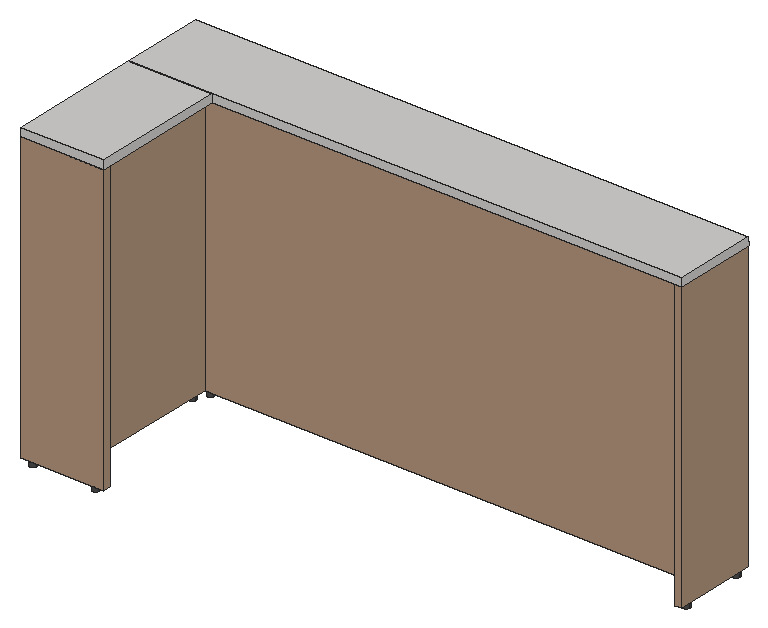
Revit family "Reception-Teknion-B_CRL_Reception_Desk_Module-L_Shaped-R2019", category Furniture, Revit 2019
Family settings
  OmniClass Number = 23.40.20.00
  OmniClass Title = General Furniture and Specialties
  Work Plane-Based = No
  Always vertical = Yes
  Cut with Voids When Loaded = No
  Shared = Yes
  Room Calculation Point = No
Parameters (values of type "1-3/16" Thick WS, 12" Depth")
  Worksurface Thickness = 1.18898"
  Worksurface Finish [instance] = Foundation Laminate - Teknion - 2H - Soft Gris
  Warranty = "http://www.teknion.com/ca/papers/legal-canada"
  Unit Weight URL = "http://www.teknion.com/ca/tools/assets#&asset=bee6a381-b954-425e-8283-5a2de3a804f2,f828d448-4b62-4231-9e5f-9a8991c0ed77"
  URL = "www.teknion.com"
  To render please download texture images found here [instance] = "https://assets.teknion.com/web/5e81352c1dfdb467/revit-material-swatches/"
  Sustainability Data = "https://www.teknion.com/ca/tools/assets#&topic=216f99a5-57a0-44fc-b10a-9dee9b29ae4c&asset=444deb64-fe58-4b68-981e-f75e97781df7,b4ff2d81-9f2e-437d-9659-7cffb09c31cf"
  Series = "Expansion Casegoods"  # constant formula
  Return Width [instance] = 24.000"
  Product Page URL = "https://www.teknion.com/ca/products/product-details?productLineId=0053336e-8e7a-673b-a6c8-ff00004460c4"
  Product Line = "Expansion Casegoods"  # constant formula
  Product Documentation Link = "https://www.teknion.com/pricing/expansion-casegoods/pdfs/B_crl_ppg.pdf"
  Part Number = "B_CRL"  # constant formula
  Model = "BMCRL12_____"
  Manufacturer Phone = "416-661-3370"  # constant formula
  Manufacturer Fax = "416.661.4586"  # constant formula
  Manufacturer Contact Information = "http://www.teknion.com/ca/contactus"
  Manufacturer Address = "1150 Flint Road, Toronto, ON. M3J 2J5. Canada"  # constant formula
  Manufacturer = "Teknion"  # constant formula
  Main Width [instance] = 72.000"
  Inset Panel Finish [instance] = Source Laminate - Teknion - 3M - Provincial Oak
  How To Use Teknion Materials User Guide [instance] = "https://assets.teknion.com/m/205dd0a49fa58060/original/How-to-add-a-Material-Library-and-Texture-Images-to-your-Revit-project.pdf"
  Gable Thickness = 1.01587"
  Gable Finish [instance] = Source Laminate - Teknion - 3M - Provincial Oak
  For Additional Finishes please visit [instance] = "https://assets.teknion.com/m/44a8009b046e5d47/original/Teknion_Materials_Library.zip"
  Description = "Reception Desk Module – L-Shaped, 1-3/16\" Worksurface Thickness, 12\" Depth"
  Corner Extrusion Finish [instance] = Paint - Teknion - Mica - Platinum
  Available Return Widths [instance] = "24, 30, 36, 42, 48, 54, 60, 66, 72, 78, or 84 inches."  # constant formula
  Available Main Widths [instance] = "72, 78, 84, 90, 96, 102, 108, 114, 120, 126, 132, 138, or 144 inches."  # constant formula
  Assembly Code = "E2020200"
  Actual Return Width [instance] = if([1-3/16" Thick WS], Return Width + 7.516", Return Width + 8.012")  # 31.516"
  Actual Main Width [instance] = if([1-3/16" Thick WS], Main Width + 7.524", Main Width + 8.020")  # 79.524"
  1-3/16" Thick WS = yes
Types (3): name | Worksurface Thickness | Model | Gable Thickness | Description | Actual Return Width | Actual Main Width | 1-3/16" Thick WS
  (no name) | 1.18898" | "BMCRL12_____" | 1.01587" | "Reception Desk Module – L-Shaped, 1-3/16\" Worksurface Thickness, 12\" Depth" | 31.516" | 79.524" | yes
  1-3/16" Thick WS, 12" Depth | 1.18898" | "BMCRL12_____" | 1.01587" | "Reception Desk Module – L-Shaped, 1-3/16\" Worksurface Thickness, 12\" Depth" | 31.516" | 79.524" | yes
  1-9/16" Thick WS, 12" Depth | 1.555" | "BXCRL12_____" | 1.512" | "Reception Desk Module – L-Shaped, 1-9/16\" Worksurface Thickness, 12\" Depth" | 32.012" | 80.020" | no
Reference planes (in)
  plane 1 "Center Front/Back": y = -4.92599
  plane 2: z = 0
  plane 3 "Center Left/Right": x = 6.70379
  plane 4 "Left": x = -33.05821
  plane 5 "Right": x = 46.46579
  plane 6 "Back": y = 10.83201
  plane 7 "Front": y = -20.68399
  plane 8 "Top": z = 43.18898
  plane 9: y = -1.16811
  plane 10: x = -21.05821
  plane 11: z = 42
  plane 12: y = -19.66811
  plane 13: x = 45.44992
  plane 14: x = 45.95786
  plane 15: y = -20.17605
Forms (in)
  Sweep 1, solid, material "Source Laminate - Teknion - 3M - Provincial Oak" <- "Gable Finish"
    path origin (0, 0, 0) x (1, 0, 0) y (0, 1, 0)
      loop
        line (-27.55821, -20.68399) -> (-27.55821, -19.66811)
    profile origin (-27.55821, -20.17605, 0) x (-1, 0, 0) y (0, 0, 1)
      loop
        line (-6.5, 0.60236) -> (5.5, 0.60236) -> (5.5, 42) -> (-6.5, 42) -> (-6.5, 0.60236)
  Sweep 2, solid, material "Source Laminate - Teknion - 3M - Provincial Oak" <- "Inset Panel Finish"
    path origin (0, 0, 0) x (1, 0, 0) y (0, 1, 0)
      loop
        line (-27.56589, -8.92599) -> (-26.55014, -8.92599)
    profile origin (-27.05802, -8.92599, 0) x (0, 1, 0) y (0, 0, 1)
      loop
        line (-10.74213, 0.60236) -> (13.25, 0.60236) -> (13.25, 42) -> (-10.74213, 42) -> (-10.74213, 0.60236)
  Sweep 3, solid, material "Source Laminate - Teknion - 3M - Provincial Oak" <- "Inset Panel Finish"
    path origin (0, 0, 0) x (1, 0, 0) y (0, 1, 0)
      loop
        line (6.70379, 4.32401) -> (6.70379, 5.33976)
    profile origin (6.70379, 4.83189, 0) x (-1, 0, 0) y (0, 0, 1)
      loop
        line (34.26969, 42) -> (-38.74613, 42) -> (-38.74613, 0.60236) -> (34.26969, 0.60236) -> (34.26969, 42)
  Sweep 4, solid, material "Source Laminate - Teknion - 3M - Provincial Oak" <- "Gable Finish"
    path origin (0, 0, 0) x (1, 0, 0) y (0, 1, 0)
      loop
        line (45.44992, 4.83189) -> (46.46579, 4.83189)
    profile origin (45.95786, 4.83189, 0) x (0, 1, 0) y (0, 0, 1)
      loop
        line (-6, 42) -> (-6, 0.60236) -> (6.00013, 0.60236) -> (6.00013, 42) -> (-6, 42)
  Sweep 5, solid, material "Foundation Laminate - Teknion - 2H - Soft Gris" <- "Worksurface Finish"
    path origin (0, -4.92599, 0) x (1, 0, 0) y (0, 0, 1)
      loop
        line (6.70379, 42) -> (6.70379, 43.18898)
    profile origin (6.70379, -4.92599, 42.59449) x (-1, 0, 0) y (0, -1, 0)
      loop
        line (39.762, -3.75787) -> (-39.762, -3.75787) -> (-39.762, -15.758) -> (39.762, -15.758) -> (39.762, -3.75787)
  Sweep 6, solid, material "Foundation Laminate - Teknion - 2H - Soft Gris" <- "Worksurface Finish"
    path origin (0, -4.92599, 0) x (1, 0, 0) y (0, 0, 1)
      loop
        line (-27.05802, 42) -> (-27.05802, 43.18898)
    profile origin (-27.05802, -4.92599, 42.59449) x (-1, 0, 0) y (0, -1, 0)
      loop
        line (6.00019, -3.75787) -> (6.00019, 15.758) -> (-5.99981, 15.758) -> (-5.99981, -3.75787) -> (6.00019, -3.75787)
  Sweep 7, solid, material "Paint - Teknion - Mica - Platinum" <- "Corner Extrusion Finish"
    path origin (0, -4.92599, 0) x (1, 0, 0) y (0, 0, 1)
      loop
        line (-27.30821, 42) -> (-27.30821, 0.60236)
    profile origin (-27.30821, -4.92599, 21.30118) x (0, -1, 0) y (1, 0, 0)
      loop
        line (-10.32874, -0.32068) -> (-9.79724, -0.32068) -> (-9.79724, -0.25769) -> (-10.26575, -0.25769) -> (-10.26575, 0.21082) -> (-10.32874, 0.21082) -> (-10.32874, -0.32068)
  Sweep 8, solid, material "Plastic - Teknion - E - Ebony"
    path origin (0, -4.92599, 0) x (1, 0, 0) y (0, 0, 1)
      loop
        line (6.70379, 0) -> (6.70379, 0.60236)
    profile origin (6.70379, -4.92599, 0.30118) x (-1, 0, 0) y (0, -1, 0)
      loop
        circle (32.76898, -9.75613) r 0.5
      loop
        circle (33.76261, -7.75226) r 0.5
      loop
        circle (38.26352, 15.24994) r 0.5
      loop
        circle (29.2619, 15.24994) r 0.5
      loop
        circle (-39.25417, -14.2573) r 0.5
      loop
        circle (-39.25417, -5.2573) r 0.5
Lines and regions (in)
  Masking region 1
    outline origin (0, 0, 0) x (1, 0, 0) y (0, 1, 0)
      loop
        line (-33.05821, 10.83201) -> (-33.05821, -1.16811) -> (46.46579, -1.16811) -> (46.46579, 10.83201) -> (-33.05821, 10.83201)
  Masking region 2
    outline origin (0, 0, 0) x (1, 0, 0) y (0, 1, 0)
      loop
        line (-21.05821, -20.68399) -> (-21.05821, -1.16811) -> (-33.05821, -1.16811) -> (-33.05821, -20.68399) -> (-21.05821, -20.68399)
  symbolic lines, style "FurnitureHiddenLines", detail levels medium+fine
    curve 1: line (-27.56589, -19.66811, 0) -> (-27.56589, 4.32401, 0)
    curve 2: line (-26.55014, -19.66811, 0) -> (-26.55014, 4.32401, 0)
    curve 3: line (45.44992, 4.32401, 0) -> (-27.56589, 4.32401, 0)
    curve 4: line (45.44992, 5.33976, 0) -> (-27.56589, 5.33976, 0)
    curve 5: line (45.44992, -1.16811, 0) -> (45.44992, 10.83201, 0)
    curve 6: line (-21.05821, -19.66811, 0) -> (-33.05821, -19.66811, 0)
    curve 7: line (-27.56589, 5.33976, 0) -> (-27.56589, 4.32401, 0)
  symbolic lines, style "FurnitureHiddenLines", detail levels fine
    curve 8: line (-27.62888, 4.87126, 0) -> (-27.56589, 4.87126, 0)
    curve 9: line (-27.62888, 5.40275, 0) -> (-27.62888, 4.87126, 0)
    curve 10: line (-27.09739, 5.40275, 0) -> (-27.62888, 5.40275, 0)
    curve 11: line (-27.09739, 5.83976, 0) -> (-27.09739, 5.40275, 0)
    curve 12: arc (-26.56519, 4.83015, 0) -> (-26.06519, 5.33015, 0) -> (-25.56519, 4.83015, 0) r 0.5
    curve 13: arc (-25.56519, 4.83015, 0) -> (-26.06519, 4.33015, 0) -> (-26.56519, 4.83015, 0) r 0.5
    curve 14: arc (-27.55882, 2.82627, 0) -> (-27.05882, 3.32627, 0) -> (-26.55882, 2.82627, 0) r 0.5
    curve 15: arc (-26.55882, 2.82627, 0) -> (-27.05882, 2.32627, 0) -> (-27.55882, 2.82627, 0) r 0.5
    curve 16: arc (-31.05973, -20.17593, 0) -> (-31.55973, -20.67593, 0) -> (-32.05973, -20.17593, 0) r 0.5
    curve 17: arc (-32.05973, -20.17593, 0) -> (-31.55973, -19.67593, 0) -> (-31.05973, -20.17593, 0) r 0.5
    curve 18: arc (-22.0581, -20.17593, 0) -> (-22.5581, -20.67593, 0) -> (-23.0581, -20.17593, 0) r 0.5
    curve 19: arc (-23.0581, -20.17593, 0) -> (-22.5581, -19.67593, 0) -> (-22.0581, -20.17593, 0) r 0.5
    curve 20: arc (45.45797, 9.33131, 0) -> (45.95797, 9.83131, 0) -> (46.45797, 9.33131, 0) r 0.5
    curve 21: arc (46.45797, 9.33131, 0) -> (45.95797, 8.83131, 0) -> (45.45797, 9.33131, 0) r 0.5
    curve 22: arc (45.45797, 0.33131, 0) -> (45.95797, 0.83131, 0) -> (46.45797, 0.33131, 0) r 0.5
    curve 23: arc (46.45797, 0.33131, 0) -> (45.95797, -0.16869, 0) -> (45.45797, 0.33131, 0) r 0.5
  reference lines
    curve 24: line (-33.05821, 10.83201, 0) -> (-33.05821, -20.68399, 0)
    curve 25: line (-21.05821, -20.68399, 0) -> (-21.05821, 10.83201, 0)
    curve 26: line (-33.05802, -1.16811, 0) -> (46.46579, -1.16811, 0)
    curve 27: line (-33.05821, -20.68399, 0) -> (46.46579, -20.68399, 0)
    curve 28: line (-33.05821, 10.83201, 0) -> (46.46579, 10.83201, 0)
    curve 29: line (46.46579, 10.83201, 0) -> (46.46579, -20.68399, 0)
Dimensions and locks (in)
  "Actual Main Width": plane 4 "Left" to plane 5 "Right"
  "Actual Return Width": plane 6 "Back" to plane 7 "Front"
  "Worksurface Thickness": plane 8 "Top" to plane 11
  equal spacing: plane 4 "Left", plane 3 "Center Left/Right", plane 5 "Right"
  equal spacing: plane 7 "Front", plane 1 "Center Front/Back", plane 6 "Back"
  locked: plane 6 "Back" to plane 9 at 12.00013
  locked: plane 4 "Left" to plane 10 at 12
  locked: plane 11 to level at 42
  locked: Sweep 1 sketch curve to level at 0.60236
  plane 4 "Left" to Sweep 2 sketch curve to Sweep 2 sketch curve = 5.49231" locked, 1.01575" locked
  locked: Sweep 2 sketch curve to plane 6 "Back" at 6.508
  locked: Sweep 2 sketch curve to level at 0.60236
  plane 6 "Back" to Sweep 3 sketch curve to Sweep 3 sketch curve = 5.49225" locked, 1.01575" locked
  locked: Sweep 3 sketch curve to plane 4 "Left" at 5.49231
  locked: Sweep 3 sketch curve to level at 0.60236
  locked: Sweep 4 sketch curve to level at 0.60236
  locked: Sweep 7 sketch curve to plane 2 at 0.60236
  plane 4 "Left" to Sweep 7 sketch curve to Sweep 7 sketch curve to Sweep 7 sketch curve = 5.42932" locked, 0.06299" locked, 0.4685" locked
  plane 6 "Back" to Sweep 7 sketch curve to Sweep 7 sketch curve to Sweep 7 sketch curve = 5.42926" locked, 0.06299" locked, 0.4685" locked
  locked: Sweep 8 sketch curve to level at 0.60236
  plane 4 "Left" to Sweep 8 sketch curve to Sweep 8 sketch curve = 5.99939" locked, 0.99363"
  plane 6 "Back" to Sweep 8 sketch curve to Sweep 8 sketch curve = 6.00187" locked, 2.00387" locked
  locked: plane 4 "Left" to Sweep 8 sketch curve at 1.49848
  locked: Sweep 8 sketch curve to plane 10 at 1.4999
  plane 15 to Sweep 8 sketch curve to Sweep 8 sketch curve = 0.00012" locked, 0.000" locked
  plane 14 to Sweep 8 sketch curve to Sweep 8 sketch curve = 0.00011" locked, 0.000" locked
  locked: Sweep 8 sketch curve to plane 9 at 1.49942
  locked: plane 6 "Back" to Sweep 8 sketch curve at 1.5007
  "Gable Thickness": plane 7 "Front" to plane 12
  "Gable Thickness": plane 13 to plane 5 "Right"
  equal spacing: plane 13, plane 14, plane 5 "Right"
  equal spacing: plane 12, plane 15, plane 7 "Front"
  locked: nested 2 to plane 6 "Back" at 2.74613
  locked: plane 9 to nested 7 at 2.746
  aligned and locked: level to plane 2
  aligned and locked: plane 7 "Front" to Sweep 1 sketch curve
  aligned and locked: plane 10 to Sweep 1 sketch curve
  aligned and locked: plane 11 to Sweep 1 sketch curve
  aligned and locked: plane 4 "Left" to Sweep 1 sketch curve
  aligned and locked: plane 11 to Sweep 2 sketch curve
  aligned and locked: plane 11 to Sweep 3 sketch curve
  aligned and locked: plane 5 "Right" to Sweep 4 sketch curve
  aligned and locked: Sweep 4 sketch curve to plane 9
  aligned and locked: Sweep 4 sketch curve to plane 6 "Back"
  aligned and locked: Sweep 4 sketch curve to plane 11
  aligned and locked: plane 8 "Top" to Sweep 5 sketch curve
  aligned and locked: plane 11 to Sweep 5 sketch curve
  aligned and locked: Sweep 5 sketch curve to plane 9
  aligned and locked: Sweep 5 sketch curve to plane 6 "Back"
  aligned and locked: Sweep 5 sketch curve to plane 4 "Left"
  aligned and locked: Sweep 5 sketch curve to plane 5 "Right"
  aligned and locked: plane 8 "Top" to Sweep 6 sketch curve
  aligned and locked: plane 11 to Sweep 6 sketch curve
  aligned and locked: Sweep 6 sketch curve to plane 4 "Left"
  aligned and locked: Sweep 6 sketch curve to plane 10
  aligned and locked: Sweep 6 sketch curve to plane 9
  aligned and locked: Sweep 6 sketch curve to plane 7 "Front"
  aligned and locked: plane 11 to Sweep 7 sketch curve
  aligned and locked: level to Sweep 8 sketch curve
  aligned and locked: Masking region 1 sketch curve to plane 9
  aligned and locked: Masking region 1 sketch curve to plane 5 "Right"
  aligned and locked: Masking region 1 sketch curve to plane 6 "Back"
  aligned and locked: plane 4 "Left" to Masking region 1 sketch curve
  aligned and locked: Masking region 2 sketch curve to plane 10
  aligned and locked: Masking region 2 sketch curve to plane 7 "Front"
  aligned and locked: Masking region 2 sketch curve to plane 4 "Left"
  aligned and locked: Masking region 2 sketch curve to plane 9
  aligned and locked: Sweep 2 to curve 1
  aligned and locked: Sweep 2 to curve 2
  aligned and locked: curve 3 to Sweep 3
  aligned and locked: curve 4 to Sweep 3
  aligned and locked: curve 5 to Sweep 4
  aligned and locked: curve 6 to Sweep 1
  aligned and locked: curve 7 to Sweep 3
  aligned and locked: curve 8 to Sweep 7
  aligned and locked: curve 9 to Sweep 7
  aligned and locked: curve 10 to Sweep 7
  aligned and locked: Sweep 7 to curve 11
  aligned and locked: curve 12 to Sweep 8
  aligned and locked: curve 13 to Sweep 8
  aligned and locked: curve 14 to Sweep 8
  aligned and locked: curve 15 to Sweep 8
  aligned and locked: curve 16 to Sweep 8
  aligned and locked: curve 17 to Sweep 8
  aligned and locked: curve 18 to Sweep 8
  aligned and locked: curve 19 to Sweep 8
  aligned and locked: curve 20 to Sweep 8
  aligned and locked: curve 21 to Sweep 8
  aligned and locked: curve 22 to Sweep 8
  aligned and locked: curve 23 to Sweep 8
  aligned and locked: curve 24 to plane 4 "Left"
  aligned and locked: curve 25 to plane 10
  aligned and locked: curve 26 to plane 9
  aligned and locked: curve 27 to plane 7 "Front"
  aligned and locked: curve 28 to plane 6 "Back"
  aligned and locked: curve 29 to plane 5 "Right"
  aligned and locked: plane 12 to Sweep 1 sketch curve
  aligned and locked: plane 13 to Sweep 4 sketch curve
  aligned and locked: Sweep 2 sketch curve to plane 12
  aligned and locked: Sweep 3 sketch curve to plane 13
  aligned and locked: plane 3 "Center Left/Right" to nested 2
  aligned and locked: nested 7 to plane 3 "Center Left/Right"
  aligned and locked: nested 6 to plane 12
  aligned and locked: nested 6 to Sweep 2
  aligned and locked: nested 5 to plane 4 "Left"
  aligned and locked: nested 5 to plane 7 "Front"
  aligned and locked: nested 3 to Sweep 3
  aligned and locked: Sweep 2 to nested 3
  aligned and locked: plane 4 "Left" to nested 4
  aligned and locked: nested 4 to plane 6 "Back"
  aligned and locked: nested 1 to plane 6 "Back"
  aligned and locked: nested 1 to plane 5 "Right"
  aligned and locked: nested 8 to Sweep 3
  aligned and locked: plane 13 to nested 8
Automatic sketch dimensions
  plane 4 "Left" to Sweep 1 sketch curve = 5.500"
  plane 1 "Center Front/Back" to Sweep 2 sketch curve = 4.000"
  Sweep 3 sketch curve to plane 3 "Center Left/Right" = 0.000"
  plane 9 to Sweep 4 sketch curve = 6.000"
  Sweep 5 sketch curve to plane 3 "Center Left/Right" = 0.000"
  plane 10 to Sweep 6 sketch curve = 5.99981"
  plane 4 "Left" to Sweep 7 sketch curve = 5.750"
  Sweep 8 sketch curve to plane 3 "Center Left/Right" = 0.000"
  plane 4 "Left" to curve 26 = 0.00019"
  curve 6 to plane 4 "Left" = 0.000"
  curve 6 to plane 10 = 0.000"
  curve 5 to plane 9 = 0.000"
  curve 5 to plane 6 "Back" = 0.000"
  curve 10 to curve 11 = 0.43701"
  radius of Sweep 8 sketch curve = 0.500"  (x6)
Nested families (in)
  nested 1: "Teknion_2D_Node_Family-R2016" at (46.46579, 10.83201, 0), type "Teknion_2D_Node_Family-R2016"
  nested 2: "Teknion_2D_Node_Family-R2016" at (6.70379, 8.08589, 0), type "Teknion_2D_Node_Family-R2016"
  nested 3: "Teknion_2D_Node_Family-R2016" at (-26.55014, 4.32401, 0), type "Teknion_2D_Node_Family-R2016"
  nested 4: "Teknion_2D_Node_Family-R2016" at (-33.05821, 10.83201, 0), type "Teknion_2D_Node_Family-R2016"
  nested 5: "Teknion_2D_Node_Family-R2016" at (-33.05821, -20.68399, 0), type "Teknion_2D_Node_Family-R2016"
  nested 6: "Teknion_2D_Node_Family-R2016" at (-26.55014, -19.66811, 0), type "Teknion_2D_Node_Family-R2016"
  nested 7: "Teknion_2D_Node_Family-R2016" at (6.70379, 1.57789, 0), type "Teknion_2D_Node_Family-R2016"
  nested 8: "Teknion_2D_Node_Family-R2016" at (45.44992, 4.32401, 0), type "Teknion_2D_Node_Family-R2016"
Definition of nested family "Teknion_2D_Node_Family-R2016"
  Reference planes (in)
    plane 1 "Center (Front/Back)": y = 0
    plane 2: z = 0
    plane 3 "Center (Left/Right)": x = 0
  Lines and regions (in)
    detail lines, in view "Ref. Level"
      curve 1: circle (0, 0, 0) r 1.25 normal (0, 0, 1)
      curve 2: line (1.91508, -1.91508, 0) -> (-1.91508, 1.91508, 0)
      curve 3: line (-1.91508, -1.91508, 0) -> (1.91508, 1.91508, 0)
